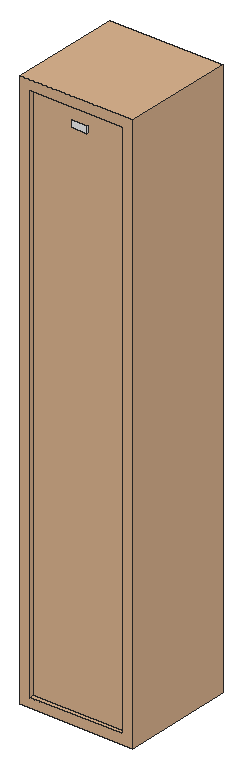
Revit family (continued)
Definition of nested family "Grille-Diamonds-3x38or32"
  Lines and regions (in)
    model lines
      curve 278: line (-1.30067, 6.03125, 0) -> (-1.68715, 6.77344, 0)
      curve 279: line (-1.30067, 7.51562, 0) -> (-0.9142, 6.77344, 0)
      curve 280: line (-1.30067, 6.03125, 0) -> (-0.9142, 6.77344, 0)
      curve 281: line (0, 7.51562, 0) -> (-0.38647, 6.77344, 0)
      curve 282: line (0, 6.03125, 0) -> (-0.38647, 6.77344, 0)
      curve 283: line (0, 7.51562, 0) -> (0.38647, 6.77344, 0)
      curve 284: line (0, 6.03125, 0) -> (0.38647, 6.77344, 0)
      curve 285: line (-0.65034, 6.82812, 0) -> (-0.26387, 7.57031, 0)
      curve 286: line (-0.65034, 8.3125, 0) -> (-0.26387, 7.57031, 0)
      curve 287: line (-0.65034, 6.82812, 0) -> (-1.03681, 7.57031, 0)
      curve 288: line (-0.65034, 8.3125, 0) -> (-1.03681, 7.57031, 0)
      curve 289: line (-1.30067, 9.10937, 0) -> (-1.68715, 8.36719, 0)
      curve 290: line (-1.30067, 7.625, 0) -> (-1.68715, 8.36719, 0)
      curve 291: line (-1.30067, 9.10937, 0) -> (-0.9142, 8.36719, 0)
      curve 292: line (-1.30067, 7.625, 0) -> (-0.9142, 8.36719, 0)
      curve 293: line (0, 9.10937, 0) -> (-0.38647, 8.36719, 0)
      curve 294: line (0, 7.625, 0) -> (-0.38647, 8.36719, 0)
      curve 295: line (0, 9.10937, 0) -> (0.38647, 8.36719, 0)
      curve 296: line (0, 7.625, 0) -> (0.38647, 8.36719, 0)
      curve 297: line (-0.65034, 8.42187, 0) -> (-0.26387, 9.16406, 0)
      curve 298: line (-0.65034, 9.90625, 0) -> (-0.26387, 9.16406, 0)
      curve 299: line (-0.65034, 8.42187, 0) -> (-1.03681, 9.16406, 0)
      curve 300: line (-0.65034, 9.90625, 0) -> (-1.03681, 9.16406, 0)
      curve 301: line (-1.30067, 10.70312, 0) -> (-1.68715, 9.96094, 0)
      curve 302: line (-1.30067, 9.21875, 0) -> (-1.68715, 9.96094, 0)
      curve 303: line (-1.30067, 10.70312, 0) -> (-0.9142, 9.96094, 0)
      curve 304: line (-1.30067, 9.21875, 0) -> (-0.9142, 9.96094, 0)
      curve 305: line (0, 10.70312, 0) -> (-0.38647, 9.96094, 0)
      curve 306: line (0, 9.21875, 0) -> (-0.38647, 9.96094, 0)
      curve 307: line (0, 10.70312, 0) -> (0.38647, 9.96094, 0)
      curve 308: line (0, 9.21875, 0) -> (0.38647, 9.96094, 0)
      curve 309: line (-0.65034, 10.01562, 0) -> (-0.26387, 10.75781, 0)
      curve 310: line (-0.65034, 11.5, 0) -> (-0.26387, 10.75781, 0)
      curve 311: line (-0.65034, 10.01562, 0) -> (-1.03681, 10.75781, 0)
      curve 312: line (-0.65034, 11.5, 0) -> (-1.03681, 10.75781, 0)
      curve 313: line (-1.30067, 12.29687, 0) -> (-1.68715, 11.55469, 0)
      curve 314: line (-1.30067, 10.8125, 0) -> (-1.68715, 11.55469, 0)
      curve 315: line (-1.30067, 12.29687, 0) -> (-0.9142, 11.55469, 0)
      curve 316: line (-1.30067, 10.8125, 0) -> (-0.9142, 11.55469, 0)
      curve 317: line (0, 12.29687, 0) -> (-0.38647, 11.55469, 0)
      curve 318: line (0, 10.8125, 0) -> (-0.38647, 11.55469, 0)
      curve 319: line (0, 12.29687, 0) -> (0.38647, 11.55469, 0)
      curve 320: line (0, 10.8125, 0) -> (0.38647, 11.55469, 0)
      curve 321: line (-0.65034, 11.60937, 0) -> (-0.26387, 12.35156, 0)
      curve 322: line (-0.65034, 13.09375, 0) -> (-0.26387, 12.35156, 0)
      curve 323: line (-0.65034, 11.60937, 0) -> (-1.03681, 12.35156, 0)
      curve 324: line (-0.65034, 13.09375, 0) -> (-1.03681, 12.35156, 0)
      curve 325: line (-1.30067, 13.89062, 0) -> (-1.68715, 13.14844, 0)
      curve 326: line (-1.30067, 12.40625, 0) -> (-1.68715, 13.14844, 0)
      curve 327: line (-1.30067, 13.89062, 0) -> (-0.9142, 13.14844, 0)
      curve 328: line (-1.30067, 12.40625, 0) -> (-0.9142, 13.14844, 0)
      curve 329: line (0, 13.89062, 0) -> (-0.38647, 13.14844, 0)
      curve 330: line (0, 12.40625, 0) -> (-0.38647, 13.14844, 0)
      curve 331: line (0, 13.89062, 0) -> (0.38647, 13.14844, 0)
      curve 332: line (0, 12.40625, 0) -> (0.38647, 13.14844, 0)
      curve 333: line (-0.65034, 13.20312, 0) -> (-0.26387, 13.94531, 0)
      curve 334: line (-0.65034, 14.6875, 0) -> (-0.26387, 13.94531, 0)
      curve 335: line (-0.65034, 13.20312, 0) -> (-1.03681, 13.94531, 0)
      curve 336: line (-0.65034, 14.6875, 0) -> (-1.03681, 13.94531, 0)
      curve 337: line (-1.30067, 15.48437, 0) -> (-1.68715, 14.74219, 0)
      curve 338: line (-1.30067, 14, 0) -> (-1.68715, 14.74219, 0)
      curve 339: line (-1.30067, 15.48437, 0) -> (-0.9142, 14.74219, 0)
      curve 340: line (-1.30067, 14, 0) -> (-0.9142, 14.74219, 0)
      curve 341: line (0, 15.48437, 0) -> (-0.38647, 14.74219, 0)
      curve 342: line (0, 14, 0) -> (-0.38647, 14.74219, 0)
      curve 343: line (0, 15.48437, 0) -> (0.38647, 14.74219, 0)
      curve 344: line (0, 14, 0) -> (0.38647, 14.74219, 0)
      curve 345: line (-0.65034, 14.79687, 0) -> (-0.26387, 15.53906, 0)
      curve 346: line (-0.65034, 16.28125, 0) -> (-0.26387, 15.53906, 0)
      curve 347: line (-0.65034, 14.79687, 0) -> (-1.03681, 15.53906, 0)
      curve 348: line (-0.65034, 16.28125, 0) -> (-1.03681, 15.53906, 0)
      curve 349: line (-1.30067, 17.07812, 0) -> (-1.68715, 16.33594, 0)
      curve 350: line (-1.30067, 15.59375, 0) -> (-1.68715, 16.33594, 0)
      curve 351: line (-1.30067, 17.07812, 0) -> (-0.9142, 16.33594, 0)
      curve 352: line (-1.30067, 15.59375, 0) -> (-0.9142, 16.33594, 0)
      curve 353: line (0, 17.07812, 0) -> (-0.38647, 16.33594, 0)
      curve 354: line (0, 15.59375, 0) -> (-0.38647, 16.33594, 0)
      curve 355: line (0, 17.07812, 0) -> (0.38647, 16.33594, 0)
      curve 356: line (0, 15.59375, 0) -> (0.38647, 16.33594, 0)
      curve 357: line (-0.65034, 16.39062, 0) -> (-0.26387, 17.13281, 0)
      curve 358: line (-0.65034, 17.875, 0) -> (-0.26387, 17.13281, 0)
      curve 359: line (-0.65034, 16.39062, 0) -> (-1.03681, 17.13281, 0)
      curve 360: line (-0.65034, 17.875, 0) -> (-1.03681, 17.13281, 0)
      curve 361: line (-1.30067, 18.67187, 0) -> (-1.68715, 17.92969, 0)
      curve 362: line (-1.30067, 17.1875, 0) -> (-1.68715, 17.92969, 0)
      curve 363: line (-1.30067, 18.67187, 0) -> (-0.9142, 17.92969, 0)
      curve 364: line (-1.30067, 17.1875, 0) -> (-0.9142, 17.92969, 0)
      curve 365: line (0, 18.67187, 0) -> (-0.38647, 17.92969, 0)
      curve 366: line (0, 17.1875, 0) -> (-0.38647, 17.92969, 0)
      curve 367: line (0, 18.67187, 0) -> (0.38647, 17.92969, 0)
      curve 368: line (0, 17.1875, 0) -> (0.38647, 17.92969, 0)
      curve 369: line (-0.65034, 17.98437, 0) -> (-0.26387, 18.72656, 0)
      curve 370: line (-0.65034, 19.46875, 0) -> (-0.26387, 18.72656, 0)
      curve 371: line (-0.65034, 17.98437, 0) -> (-1.03681, 18.72656, 0)
      curve 372: line (-0.65034, 19.46875, 0) -> (-1.03681, 18.72656, 0)
      curve 373: line (-1.30067, 20.26562, 0) -> (-1.68715, 19.52344, 0)
      curve 374: line (-1.30067, 18.78125, 0) -> (-1.68715, 19.52344, 0)
      curve 375: line (-1.30067, 20.26562, 0) -> (-0.9142, 19.52344, 0)
      curve 376: line (-1.30067, 18.78125, 0) -> (-0.9142, 19.52344, 0)
      curve 377: line (0, 20.26562, 0) -> (-0.38647, 19.52344, 0)
      curve 378: line (0, 18.78125, 0) -> (-0.38647, 19.52344, 0)
      curve 379: line (0, 20.26562, 0) -> (0.38647, 19.52344, 0)
      curve 380: line (0, 18.78125, 0) -> (0.38647, 19.52344, 0)
      curve 381: line (-0.65034, 19.57812, 0) -> (-0.26387, 20.32031, 0)
      curve 382: line (-0.65034, 21.0625, 0) -> (-0.26387, 20.32031, 0)
      curve 383: line (-0.65034, 19.57812, 0) -> (-1.03681, 20.32031, 0)
      curve 384: line (-0.65034, 21.0625, 0) -> (-1.03681, 20.32031, 0)
      curve 385: line (-1.30067, 21.85937, 0) -> (-1.68715, 21.11719, 0)
      curve 386: line (-1.30067, 20.375, 0) -> (-1.68715, 21.11719, 0)
      curve 387: line (-1.30067, 21.85937, 0) -> (-0.9142, 21.11719, 0)
      curve 388: line (-1.30067, 20.375, 0) -> (-0.9142, 21.11719, 0)
      curve 389: line (0, 21.85937, 0) -> (-0.38647, 21.11719, 0)
      curve 390: line (0, 20.375, 0) -> (-0.38647, 21.11719, 0)
      curve 391: line (0, 21.85937, 0) -> (0.38647, 21.11719, 0)
      curve 392: line (0, 20.375, 0) -> (0.38647, 21.11719, 0)
      curve 393: line (-0.65034, 21.17187, 0) -> (-0.26387, 21.91406, 0)
      curve 394: line (-0.65034, 22.65625, 0) -> (-0.26387, 21.91406, 0)
      curve 395: line (-0.65034, 21.17187, 0) -> (-1.03681, 21.91406, 0)
      curve 396: line (-0.65034, 22.65625, 0) -> (-1.03681, 21.91406, 0)
      curve 397: line (-1.30067, 23.45312, 0) -> (-1.68715, 22.71094, 0)
      curve 398: line (-1.30067, 21.96875, 0) -> (-1.68715, 22.71094, 0)
      curve 399: line (-1.30067, 23.45312, 0) -> (-0.9142, 22.71094, 0)
      curve 400: line (-1.30067, 21.96875, 0) -> (-0.9142, 22.71094, 0)
      curve 401: line (0, 23.45312, 0) -> (-0.38647, 22.71094, 0)
      curve 402: line (0, 21.96875, 0) -> (-0.38647, 22.71094, 0)
      curve 403: line (0, 23.45312, 0) -> (0.38647, 22.71094, 0)
      curve 404: line (0, 21.96875, 0) -> (0.38647, 22.71094, 0)
      curve 405: line (-0.65034, 22.76562, 0) -> (-0.26387, 23.50781, 0)
      curve 406: line (-0.65034, 24.25, 0) -> (-0.26387, 23.50781, 0)
      curve 407: line (-0.65034, 22.76562, 0) -> (-1.03681, 23.50781, 0)
      curve 408: line (-0.65034, 24.25, 0) -> (-1.03681, 23.50781, 0)
      curve 409: line (-1.30067, 25.04687, 0) -> (-1.68715, 24.30469, 0)
      curve 410: line (-1.30067, 23.5625, 0) -> (-1.68715, 24.30469, 0)
      curve 411: line (-1.30067, 25.04687, 0) -> (-0.9142, 24.30469, 0)
      curve 412: line (-1.30067, 23.5625, 0) -> (-0.9142, 24.30469, 0)
      curve 413: line (0, 25.04687, 0) -> (-0.38647, 24.30469, 0)
      curve 414: line (0, 23.5625, 0) -> (-0.38647, 24.30469, 0)
      curve 415: line (0, 25.04687, 0) -> (0.38647, 24.30469, 0)
      curve 416: line (0, 23.5625, 0) -> (0.38647, 24.30469, 0)
      curve 417: line (-0.65034, 24.35937, 0) -> (-0.26387, 25.10156, 0)
      curve 418: line (-0.65034, 25.84375, 0) -> (-0.26387, 25.10156, 0)
      curve 419: line (-0.65034, 24.35937, 0) -> (-1.03681, 25.10156, 0)
      curve 420: line (-0.65034, 25.84375, 0) -> (-1.03681, 25.10156, 0)
      curve 477: line (0.65034, -26.64062, 0) -> (0.26387, -25.89844, 0)
      curve 478: line (0.65034, -25.15625, 0) -> (0.26387, -25.89844, 0)
      curve 479: line (0.65034, -26.64062, 0) -> (1.03681, -25.89844, 0)
      curve 480: line (0.65034, -25.15625, 0) -> (1.03681, -25.89844, 0)
      curve 481: line (1.30067, -24.35937, 0) -> (1.68715, -25.10156, 0)
      curve 482: line (1.30067, -25.84375, 0) -> (1.68715, -25.10156, 0)
      curve 483: line (1.30067, -24.35937, 0) -> (0.9142, -25.10156, 0)
      curve 484: line (1.30067, -25.84375, 0) -> (0.9142, -25.10156, 0)
      curve 485: line (0.65034, -25.04687, 0) -> (0.26387, -24.30469, 0)
      curve 486: line (0.65034, -23.5625, 0) -> (0.26387, -24.30469, 0)
      curve 487: line (0.65034, -25.04687, 0) -> (1.03681, -24.30469, 0)
      curve 488: line (0.65034, -23.5625, 0) -> (1.03681, -24.30469, 0)
      curve 489: line (1.30067, -22.76562, 0) -> (1.68715, -23.50781, 0)
      curve 490: line (1.30067, -24.25, 0) -> (1.68715, -23.50781, 0)
      curve 491: line (1.30067, -22.76562, 0) -> (0.9142, -23.50781, 0)
      curve 492: line (1.30067, -24.25, 0) -> (0.9142, -23.50781, 0)
      curve 493: line (0.65034, -23.45312, 0) -> (0.26387, -22.71094, 0)
      curve 494: line (0.65034, -21.96875, 0) -> (0.26387, -22.71094, 0)
      curve 495: line (0.65034, -23.45312, 0) -> (1.03681, -22.71094, 0)
      curve 496: line (0.65034, -21.96875, 0) -> (1.03681, -22.71094, 0)
      curve 497: line (1.30067, -21.17187, 0) -> (1.68715, -21.91406, 0)
      curve 498: line (1.30067, -22.65625, 0) -> (1.68715, -21.91406, 0)
      curve 499: line (1.30067, -21.17187, 0) -> (0.9142, -21.91406, 0)
      curve 500: line (1.30067, -22.65625, 0) -> (0.9142, -21.91406, 0)
      curve 501: line (0.65034, -21.85937, 0) -> (0.26387, -21.11719, 0)
      curve 502: line (0.65034, -20.375, 0) -> (0.26387, -21.11719, 0)
      curve 503: line (0.65034, -21.85937, 0) -> (1.03681, -21.11719, 0)
      curve 504: line (0.65034, -20.375, 0) -> (1.03681, -21.11719, 0)
      curve 505: line (1.30067, -19.57812, 0) -> (1.68715, -20.32031, 0)
      curve 506: line (1.30067, -21.0625, 0) -> (1.68715, -20.32031, 0)
      curve 507: line (1.30067, -19.57812, 0) -> (0.9142, -20.32031, 0)
      curve 508: line (1.30067, -21.0625, 0) -> (0.9142, -20.32031, 0)
      curve 509: line (0.65034, -20.26562, 0) -> (0.26387, -19.52344, 0)
      curve 510: line (0.65034, -18.78125, 0) -> (0.26387, -19.52344, 0)
      curve 511: line (0.65034, -20.26562, 0) -> (1.03681, -19.52344, 0)
      curve 512: line (0.65034, -18.78125, 0) -> (1.03681, -19.52344, 0)
      curve 513: line (1.30067, -17.98437, 0) -> (1.68715, -18.72656, 0)
      curve 514: line (1.30067, -19.46875, 0) -> (1.68715, -18.72656, 0)
      curve 515: line (1.30067, -17.98437, 0) -> (0.9142, -18.72656, 0)
      curve 516: line (1.30067, -19.46875, 0) -> (0.9142, -18.72656, 0)
      curve 517: line (0.65034, -18.67187, 0) -> (0.26387, -17.92969, 0)
      curve 518: line (0.65034, -17.1875, 0) -> (0.26387, -17.92969, 0)
      curve 519: line (0.65034, -18.67187, 0) -> (1.03681, -17.92969, 0)
      curve 520: line (0.65034, -17.1875, 0) -> (1.03681, -17.92969, 0)
      curve 521: line (1.30067, -16.39062, 0) -> (1.68715, -17.13281, 0)
      curve 522: line (1.30067, -17.875, 0) -> (1.68715, -17.13281, 0)
      curve 523: line (1.30067, -16.39062, 0) -> (0.9142, -17.13281, 0)
      curve 524: line (1.30067, -17.875, 0) -> (0.9142, -17.13281, 0)
      curve 525: line (0.65034, -17.07812, 0) -> (0.26387, -16.33594, 0)
      curve 526: line (0.65034, -15.59375, 0) -> (0.26387, -16.33594, 0)
      curve 527: line (0.65034, -17.07812, 0) -> (1.03681, -16.33594, 0)
      curve 528: line (0.65034, -15.59375, 0) -> (1.03681, -16.33594, 0)
      curve 529: line (1.30067, -14.79687, 0) -> (1.68715, -15.53906, 0)
      curve 530: line (1.30067, -16.28125, 0) -> (1.68715, -15.53906, 0)
      curve 531: line (1.30067, -14.79687, 0) -> (0.9142, -15.53906, 0)
      curve 532: line (1.30067, -16.28125, 0) -> (0.9142, -15.53906, 0)
      curve 533: line (0.65034, -15.48437, 0) -> (0.26387, -14.74219, 0)
      curve 534: line (0.65034, -14, 0) -> (0.26387, -14.74219, 0)
      curve 535: line (0.65034, -15.48437, 0) -> (1.03681, -14.74219, 0)
      curve 536: line (0.65034, -14, 0) -> (1.03681, -14.74219, 0)
      curve 537: line (1.30067, -13.20312, 0) -> (1.68715, -13.94531, 0)
      curve 538: line (1.30067, -14.6875, 0) -> (1.68715, -13.94531, 0)
      curve 539: line (1.30067, -13.20312, 0) -> (0.9142, -13.94531, 0)
      curve 540: line (1.30067, -14.6875, 0) -> (0.9142, -13.94531, 0)
      curve 541: line (0.65034, -13.89062, 0) -> (0.26387, -13.14844, 0)
      curve 542: line (0.65034, -12.40625, 0) -> (0.26387, -13.14844, 0)
      curve 543: line (0.65034, -13.89062, 0) -> (1.03681, -13.14844, 0)
      curve 544: line (0.65034, -12.40625, 0) -> (1.03681, -13.14844, 0)
      curve 545: line (1.30067, -11.60937, 0) -> (1.68715, -12.35156, 0)
      curve 546: line (1.30067, -13.09375, 0) -> (1.68715, -12.35156, 0)
      curve 547: line (1.30067, -11.60937, 0) -> (0.9142, -12.35156, 0)
      curve 548: line (1.30067, -13.09375, 0) -> (0.9142, -12.35156, 0)
      curve 549: line (0.65034, -12.29687, 0) -> (0.26387, -11.55469, 0)
      curve 550: line (0.65034, -10.8125, 0) -> (0.26387, -11.55469, 0)
      curve 551: line (0.65034, -12.29687, 0) -> (1.03681, -11.55469, 0)
      curve 552: line (0.65034, -10.8125, 0) -> (1.03681, -11.55469, 0)
      curve 553: line (1.30067, -10.01562, 0) -> (1.68715, -10.75781, 0)
      curve 554: line (1.30067, -11.5, 0) -> (1.68715, -10.75781, 0)
      curve 555: line (1.30067, -10.01562, 0) -> (0.9142, -10.75781, 0)
      curve 556: line (1.30067, -11.5, 0) -> (0.9142, -10.75781, 0)
      curve 557: line (0.65034, -10.70312, 0) -> (0.26387, -9.96094, 0)
      curve 558: line (0.65034, -9.21875, 0) -> (0.26387, -9.96094, 0)
      curve 559: line (0.65034, -10.70312, 0) -> (1.03681, -9.96094, 0)
      curve 560: line (0.65034, -9.21875, 0) -> (1.03681, -9.96094, 0)
      curve 561: line (1.30067, -8.42187, 0) -> (1.68715, -9.16406, 0)
      curve 562: line (1.30067, -9.90625, 0) -> (1.68715, -9.16406, 0)
      curve 563: line (1.30067, -8.42187, 0) -> (0.9142, -9.16406, 0)
      curve 564: line (1.30067, -9.90625, 0) -> (0.9142, -9.16406, 0)
      curve 565: line (0.65034, -9.10937, 0) -> (0.26387, -8.36719, 0)
      curve 566: line (0.65034, -7.625, 0) -> (0.26387, -8.36719, 0)
      curve 567: line (0.65034, -9.10937, 0) -> (1.03681, -8.36719, 0)
      curve 568: line (0.65034, -7.625, 0) -> (1.03681, -8.36719, 0)
      curve 569: line (1.30067, -6.82812, 0) -> (1.68715, -7.57031, 0)
      curve 570: line (1.30067, -8.3125, 0) -> (1.68715, -7.57031, 0)
      curve 571: line (1.30067, -6.82812, 0) -> (0.9142, -7.57031, 0)
      curve 572: line (1.30067, -8.3125, 0) -> (0.9142, -7.57031, 0)
      curve 573: line (0.65034, -7.51562, 0) -> (0.26387, -6.77344, 0)
      curve 574: line (0.65034, -6.03125, 0) -> (0.26387, -6.77344, 0)
      curve 575: line (0.65034, -7.51562, 0) -> (1.03681, -6.77344, 0)
      curve 576: line (0.65034, -6.03125, 0) -> (1.03681, -6.77344, 0)
      curve 577: line (1.30067, -5.23437, 0) -> (1.68715, -5.97656, 0)
      curve 578: line (1.30067, -6.71875, 0) -> (1.68715, -5.97656, 0)
      curve 579: line (1.30067, -5.23437, 0) -> (0.9142, -5.97656, 0)
      curve 580: line (1.30067, -6.71875, 0) -> (0.9142, -5.97656, 0)
      curve 581: line (0.65034, -5.92187, 0) -> (0.26387, -5.17969, 0)
      curve 582: line (0.65034, -4.4375, 0) -> (0.26387, -5.17969, 0)
      curve 583: line (0.65034, -5.92187, 0) -> (1.03681, -5.17969, 0)
      curve 584: line (0.65034, -4.4375, 0) -> (1.03681, -5.17969, 0)
      curve 585: line (1.30067, -3.64062, 0) -> (1.68715, -4.38281, 0)
      curve 586: line (1.30067, -5.125, 0) -> (1.68715, -4.38281, 0)
      curve 587: line (1.30067, -3.64062, 0) -> (0.9142, -4.38281, 0)
      curve 588: line (1.30067, -5.125, 0) -> (0.9142, -4.38281, 0)
      curve 589: line (0.65034, -4.32812, 0) -> (0.26387, -3.58594, 0)
      curve 590: line (0.65034, -2.84375, 0) -> (0.26387, -3.58594, 0)
      curve 591: line (0.65034, -4.32812, 0) -> (1.03681, -3.58594, 0)
      curve 592: line (0.65034, -2.84375, 0) -> (1.03681, -3.58594, 0)
      curve 593: line (1.30067, -2.04687, 0) -> (1.68715, -2.78906, 0)
      curve 594: line (1.30067, -3.53125, 0) -> (1.68715, -2.78906, 0)
      curve 595: line (1.30067, -2.04687, 0) -> (0.9142, -2.78906, 0)
      curve 596: line (1.30067, -3.53125, 0) -> (0.9142, -2.78906, 0)
      curve 597: line (0.65034, -2.73437, 0) -> (0.26387, -1.99219, 0)
      curve 598: line (0.65034, -1.25, 0) -> (0.26387, -1.99219, 0)
      curve 599: line (0.65034, -2.73437, 0) -> (1.03681, -1.99219, 0)
      curve 600: line (0.65034, -1.25, 0) -> (1.03681, -1.99219, 0)
      curve 601: line (1.30067, -0.45312, 0) -> (1.68715, -1.19531, 0)
      curve 602: line (1.30067, -1.9375, 0) -> (1.68715, -1.19531, 0)
      curve 603: line (1.30067, -0.45312, 0) -> (0.9142, -1.19531, 0)
      curve 604: line (1.30067, -1.9375, 0) -> (0.9142, -1.19531, 0)
      curve 605: line (0.65034, -1.14062, 0) -> (0.26387, -0.39844, 0)
      curve 606: line (0.65034, 0.34375, 0) -> (0.26387, -0.39844, 0)
      curve 607: line (0.65034, -1.14062, 0) -> (1.03681, -0.39844, 0)
      curve 608: line (0.65034, 0.34375, 0) -> (1.03681, -0.39844, 0)
      curve 609: line (1.30067, 1.14063, 0) -> (1.68715, 0.39844, 0)
      curve 610: line (1.30067, -0.34375, 0) -> (1.68715, 0.39844, 0)
      curve 611: line (1.30067, 1.14063, 0) -> (0.9142, 0.39844, 0)
      curve 612: line (1.30067, -0.34375, 0) -> (0.9142, 0.39844, 0)
      curve 613: line (0.65034, 0.45313, 0) -> (0.26387, 1.19531, 0)
      curve 614: line (0.65034, 1.9375, 0) -> (0.26387, 1.19531, 0)
      curve 615: line (0.65034, 0.45313, 0) -> (1.03681, 1.19531, 0)
      curve 616: line (0.65034, 1.9375, 0) -> (1.03681, 1.19531, 0)
      curve 617: line (1.30067, 2.73437, 0) -> (1.68715, 1.99219, 0)
      curve 618: line (1.30067, 1.25, 0) -> (1.68715, 1.99219, 0)
      curve 619: line (1.30067, 2.73437, 0) -> (0.9142, 1.99219, 0)
      curve 620: line (1.30067, 1.25, 0) -> (0.9142, 1.99219, 0)
      curve 621: line (0.65034, 2.04687, 0) -> (0.26387, 2.78906, 0)
      curve 622: line (0.65034, 3.53125, 0) -> (0.26387, 2.78906, 0)
      curve 623: line (0.65034, 2.04687, 0) -> (1.03681, 2.78906, 0)
      curve 624: line (0.65034, 3.53125, 0) -> (1.03681, 2.78906, 0)
      curve 625: line (1.30067, 4.32812, 0) -> (1.68715, 3.58594, 0)
      curve 626: line (1.30067, 2.84375, 0) -> (1.68715, 3.58594, 0)
      curve 627: line (1.30067, 4.32812, 0) -> (0.9142, 3.58594, 0)
      curve 628: line (1.30067, 2.84375, 0) -> (0.9142, 3.58594, 0)
      curve 629: line (0.65034, 3.64062, 0) -> (0.26387, 4.38281, 0)
      curve 630: line (0.65034, 5.125, 0) -> (0.26387, 4.38281, 0)
      curve 631: line (0.65034, 3.64062, 0) -> (1.03681, 4.38281, 0)
      curve 632: line (0.65034, 5.125, 0) -> (1.03681, 4.38281, 0)
      curve 633: line (1.30067, 5.92187, 0) -> (1.68715, 5.17969, 0)
      curve 634: line (1.30067, 4.4375, 0) -> (1.68715, 5.17969, 0)
      curve 635: line (1.30067, 5.92187, 0) -> (0.9142, 5.17969, 0)
      curve 636: line (1.30067, 4.4375, 0) -> (0.9142, 5.17969, 0)
      curve 637: line (0.65034, 5.23437, 0) -> (0.26387, 5.97656, 0)
      curve 638: line (0.65034, 6.71875, 0) -> (0.26387, 5.97656, 0)
      curve 639: line (0.65034, 5.23437, 0) -> (1.03681, 5.97656, 0)
      curve 640: line (0.65034, 6.71875, 0) -> (1.03681, 5.97656, 0)
      curve 641: line (1.30067, 7.51562, 0) -> (1.68715, 6.77344, 0)
      curve 642: line (1.30067, 6.03125, 0) -> (1.68715, 6.77344, 0)
      curve 643: line (1.30067, 7.51562, 0) -> (0.9142, 6.77344, 0)
      curve 644: line (1.30067, 6.03125, 0) -> (0.9142, 6.77344, 0)
      curve 645: line (0.65034, 6.82812, 0) -> (0.26387, 7.57031, 0)
      curve 646: line (0.65034, 8.3125, 0) -> (0.26387, 7.57031, 0)
      curve 647: line (0.65034, 6.82812, 0) -> (1.03681, 7.57031, 0)
      curve 648: line (0.65034, 8.3125, 0) -> (1.03681, 7.57031, 0)
      curve 649: line (1.30067, 9.10937, 0) -> (1.68715, 8.36719, 0)
      curve 650: line (1.30067, 7.625, 0) -> (1.68715, 8.36719, 0)
      curve 651: line (1.30067, 9.10937, 0) -> (0.9142, 8.36719, 0)
      curve 652: line (1.30067, 7.625, 0) -> (0.9142, 8.36719, 0)
      curve 653: line (0.65034, 8.42187, 0) -> (0.26387, 9.16406, 0)
      curve 654: line (0.65034, 9.90625, 0) -> (0.26387, 9.16406, 0)
      curve 655: line (0.65034, 8.42187, 0) -> (1.03681, 9.16406, 0)
      curve 656: line (0.65034, 9.90625, 0) -> (1.03681, 9.16406, 0)
      curve 657: line (1.30067, 10.70312, 0) -> (1.68715, 9.96094, 0)
      curve 658: line (1.30067, 9.21875, 0) -> (1.68715, 9.96094, 0)
      curve 659: line (1.30067, 10.70312, 0) -> (0.9142, 9.96094, 0)
      curve 660: line (1.30067, 9.21875, 0) -> (0.9142, 9.96094, 0)
      curve 661: line (0.65034, 10.01562, 0) -> (0.26387, 10.75781, 0)
      curve 662: line (0.65034, 11.5, 0) -> (0.26387, 10.75781, 0)
      curve 663: line (0.65034, 10.01562, 0) -> (1.03681, 10.75781, 0)
      curve 664: line (0.65034, 11.5, 0) -> (1.03681, 10.75781, 0)
      curve 665: line (1.30067, 12.29687, 0) -> (1.68715, 11.55469, 0)
      curve 666: line (1.30067, 10.8125, 0) -> (1.68715, 11.55469, 0)
      curve 667: line (1.30067, 12.29687, 0) -> (0.9142, 11.55469, 0)
      curve 668: line (1.30067, 10.8125, 0) -> (0.9142, 11.55469, 0)
      curve 669: line (0.65034, 11.60937, 0) -> (0.26387, 12.35156, 0)
      curve 670: line (0.65034, 13.09375, 0) -> (0.26387, 12.35156, 0)
      curve 671: line (0.65034, 11.60937, 0) -> (1.03681, 12.35156, 0)
      curve 672: line (0.65034, 13.09375, 0) -> (1.03681, 12.35156, 0)
      curve 673: line (1.30067, 13.89062, 0) -> (1.68715, 13.14844, 0)
      curve 674: line (1.30067, 12.40625, 0) -> (1.68715, 13.14844, 0)
      curve 675: line (1.30067, 13.89062, 0) -> (0.9142, 13.14844, 0)
      curve 676: line (1.30067, 12.40625, 0) -> (0.9142, 13.14844, 0)
      curve 677: line (0.65034, 13.20312, 0) -> (0.26387, 13.94531, 0)
      curve 678: line (0.65034, 14.6875, 0) -> (0.26387, 13.94531, 0)
      curve 679: line (0.65034, 13.20312, 0) -> (1.03681, 13.94531, 0)
      curve 680: line (0.65034, 14.6875, 0) -> (1.03681, 13.94531, 0)
      curve 681: line (1.30067, 15.48437, 0) -> (1.68715, 14.74219, 0)
      curve 682: line (1.30067, 14, 0) -> (1.68715, 14.74219, 0)
      curve 683: line (1.30067, 15.48437, 0) -> (0.9142, 14.74219, 0)
      curve 684: line (1.30067, 14, 0) -> (0.9142, 14.74219, 0)
      curve 685: line (0.65034, 14.79687, 0) -> (0.26387, 15.53906, 0)
      curve 686: line (0.65034, 16.28125, 0) -> (0.26387, 15.53906, 0)
      curve 687: line (0.65034, 14.79687, 0) -> (1.03681, 15.53906, 0)
      curve 688: line (0.65034, 16.28125, 0) -> (1.03681, 15.53906, 0)
      curve 689: line (1.30067, 17.07812, 0) -> (1.68715, 16.33594, 0)
      curve 690: line (1.30067, 15.59375, 0) -> (1.68715, 16.33594, 0)
      curve 691: line (1.30067, 17.07812, 0) -> (0.9142, 16.33594, 0)
      curve 692: line (1.30067, 15.59375, 0) -> (0.9142, 16.33594, 0)
      curve 693: line (0.65034, 16.39062, 0) -> (0.26387, 17.13281, 0)
      curve 694: line (0.65034, 17.875, 0) -> (0.26387, 17.13281, 0)
      curve 695: line (0.65034, 16.39062, 0) -> (1.03681, 17.13281, 0)
      curve 696: line (0.65034, 17.875, 0) -> (1.03681, 17.13281, 0)
      curve 697: line (1.30067, 18.67187, 0) -> (1.68715, 17.92969, 0)
      curve 698: line (1.30067, 17.1875, 0) -> (1.68715, 17.92969, 0)
      curve 699: line (1.30067, 18.67187, 0) -> (0.9142, 17.92969, 0)
      curve 700: line (1.30067, 17.1875, 0) -> (0.9142, 17.92969, 0)
      curve 701: line (0.65034, 17.98437, 0) -> (0.26387, 18.72656, 0)
      curve 702: line (0.65034, 19.46875, 0) -> (0.26387, 18.72656, 0)
      curve 703: line (0.65034, 17.98437, 0) -> (1.03681, 18.72656, 0)
      curve 704: line (0.65034, 19.46875, 0) -> (1.03681, 18.72656, 0)
      curve 705: line (1.30067, 20.26562, 0) -> (1.68715, 19.52344, 0)
      curve 706: line (1.30067, 18.78125, 0) -> (1.68715, 19.52344, 0)
      curve 707: line (1.30067, 20.26562, 0) -> (0.9142, 19.52344, 0)
      curve 708: line (1.30067, 18.78125, 0) -> (0.9142, 19.52344, 0)
      curve 709: line (0.65034, 19.57812, 0) -> (0.26387, 20.32031, 0)
      curve 710: line (0.65034, 21.0625, 0) -> (0.26387, 20.32031, 0)
      curve 711: line (0.65034, 19.57812, 0) -> (1.03681, 20.32031, 0)
      curve 712: line (0.65034, 21.0625, 0) -> (1.03681, 20.32031, 0)
      curve 713: line (1.30067, 21.85937, 0) -> (1.68715, 21.11719, 0)
      curve 714: line (1.30067, 20.375, 0) -> (1.68715, 21.11719, 0)
      curve 715: line (1.30067, 21.85937, 0) -> (0.9142, 21.11719, 0)
      curve 716: line (1.30067, 20.375, 0) -> (0.9142, 21.11719, 0)
      curve 717: line (0.65034, 21.17187, 0) -> (0.26387, 21.91406, 0)
      curve 718: line (0.65034, 22.65625, 0) -> (0.26387, 21.91406, 0)
      curve 719: line (0.65034, 21.17187, 0) -> (1.03681, 21.91406, 0)
      curve 720: line (0.65034, 22.65625, 0) -> (1.03681, 21.91406, 0)
      curve 721: line (1.30067, 23.45312, 0) -> (1.68715, 22.71094, 0)
      curve 722: line (1.30067, 21.96875, 0) -> (1.68715, 22.71094, 0)
      curve 723: line (1.30067, 23.45312, 0) -> (0.9142, 22.71094, 0)
      curve 724: line (1.30067, 21.96875, 0) -> (0.9142, 22.71094, 0)
      curve 725: line (0.65034, 22.76562, 0) -> (0.26387, 23.50781, 0)
      curve 726: line (0.65034, 24.25, 0) -> (0.26387, 23.50781, 0)
      curve 727: line (0.65034, 22.76562, 0) -> (1.03681, 23.50781, 0)
      curve 728: line (0.65034, 24.25, 0) -> (1.03681, 23.50781, 0)
      curve 729: line (1.30067, 25.04687, 0) -> (1.68715, 24.30469, 0)
      curve 730: line (1.30067, 23.5625, 0) -> (1.68715, 24.30469, 0)
      curve 731: line (1.30067, 25.04687, 0) -> (0.9142, 24.30469, 0)
      curve 732: line (1.30067, 23.5625, 0) -> (0.9142, 24.30469, 0)
      curve 733: line (0.65034, 24.35937, 0) -> (0.26387, 25.10156, 0)
      curve 734: line (0.65034, 25.84375, 0) -> (0.26387, 25.10156, 0)
      curve 735: line (0.65034, 24.35937, 0) -> (1.03681, 25.10156, 0)
      curve 736: line (0.65034, 25.84375, 0) -> (1.03681, 25.10156, 0)
  Dimensions and locks (in)
    aligned and locked: plane 2 to Extrusion 1
    aligned and locked: level to Extrusion 1
